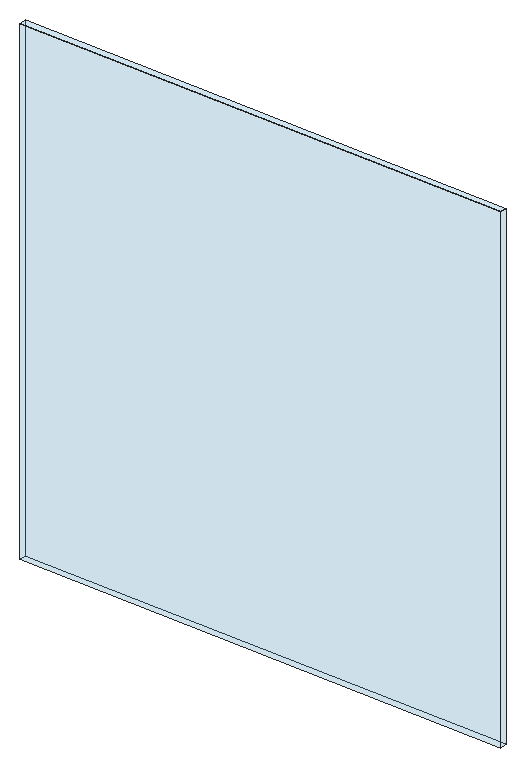
Revit family
Parameters (values of type "72" x 72"")
  Sealant = 0' - 0 3/8"
  Pocket Depth [instance] = 0' - 0 1/2"
  Head Height = Sill Height + Rough Height - Sealant  # 8' - 11 5/8"
  Depth [instance] = 0' - 6"
  Sill Height = 3' - 0"
  Rough Width = 6' - 0"
  Rough Height = 6' - 0"
  Model = "TC570"
  Material = ""
  Manufacturer = "Arcadia"
  Sightline = 0' - 2 5/8"
  Height = Rough Height - Sealant - Sealant  # 5' - 11 1/4"
  Wall Closure = (empty or 0)
  Width = Rough Width - Sealant - Sealant  # 5' - 11 1/4"
  Glass Thickness [instance] = 0' - 1"
  Offset to Inside Face of Glass [instance] = 0' - 4"
  Exterior Glass Offset [instance] = 0' - 2"
  Construction Type = "Aluminum"
  SBI [instance] = yes
  Center of Rough Opening [instance] = Rough Width / 2  # 3' - 0"
  Center of Glass [instance] = Glass Thickness / 2  # 0' - 0 1/2"
  Center Wall to Outside Face [instance] = 0' - 2 7/8"
  Assembly Code = ""
Reference planes (in)
  plane 1 "Center (Front/Back)": y = 0
  plane 2: z = 0
  plane 3 "Center (Left/Right)": x = 12
  plane 4 "Rough Opening Bottom": z = 36
  plane 5 "Rough Opening Top": z = 108
  plane 6 "Exterior Face": y = 5.5
  plane 7 "Frame Top": z = 105.375
  plane 8 "Frame Bottom": z = 38.625
  plane 9 "Rough Opening Left": x = -24
  plane 10 "Rough Opening Right": x = 48
  plane 11 "Frame Left": x = -21.375
  plane 12 "Frame Right": x = 45.375
  plane 13 "Exterior Wall Closer": y = 2
  plane 14 "Exterior Glass Edge": y = 3.04894
  plane 15 "Interior Glass Edge": y = 2.04894
  plane 16 "Glass Centerline": y = 2.54894
  plane 17 "Frame Outside": y = 4.04894
  plane 18 "Frame Inside": y = -1.95106
  plane 19: z = 105.875
  plane 20: z = 38.125
  plane 21: x = 45.875
  plane 22: x = -21.875
  plane 23: x = -23.625
  plane 24: x = 47.625
  plane 25: z = 36.375
  plane 26: z = 107.625
Forms (in)
  Extrusion 1, solid, material "Anodize Arcadia AC2 Clear #11", visible <- "SBI", detail levels coarse
    sketch origin (0, 0, 36) x (0, -1, 0) y (1, 0, 0)
      loop
        line (-4.04894, -24) -> (1.95106, -24) -> (1.95106, -21.375) -> (-2.04894, -21.375) -> (-2.04894, -21.875) -> (-3.04894, -21.875) -> (-3.04894, -21.375) -> (-4.04894, -21.375) -> (-4.04894, -24)
    from 0 to 72 <- "Rough Height"
  Extrusion 2, solid, material "Anodize Arcadia AC2 Clear #11", visible <- "SBI", detail levels coarse
    sketch origin (0, 0, 36) x (0, -1, 0) y (1, 0, 0)
      loop
        line (-4.04894, 45.375) -> (-3.04894, 45.375) -> (-3.04894, 45.875) -> (-2.04894, 45.875) -> (-2.04894, 45.375) -> (1.95106, 45.375) -> (1.95106, 48) -> (-4.04894, 48) -> (-4.04894, 45.375)
    from 0 to 72 <- "Rough Height"
  Extrusion 3, solid, material "Glass", visible <- "SBI"
    sketch origin (-0.5, 0, 36) x (0, -1, 0) y (1, 0, 0)
      loop
        line (-3.04894, -21.375) -> (-2.04894, -21.375) -> (-2.04894, 46.375) -> (-3.04894, 46.375) -> (-3.04894, -21.375)
    from 2.125 to 69.875
  Extrusion 4, solid, material "Anodize Arcadia AC2 Clear #11", detail levels coarse
    sketch origin (-24, 0, 0) x (0, 1, 0) y (0, 0, 1)
      loop
        line (-1.95106, 108) -> (-1.95106, 105.375) -> (2.04894, 105.375) -> (2.04894, 105.875) -> (3.04894, 105.875) -> (3.04894, 105.375) -> (4.04894, 105.375) -> (4.04894, 108) -> (-1.95106, 108)
    from 0 to 72 <- "Rough Width"
  Extrusion 5, solid, material "Anodize Arcadia AC2 Clear #11", detail levels coarse
    sketch origin (-24, 0, 0) x (0, 1, 0) y (0, 0, 1)
      loop
        line (4.04894, 38.625) -> (3.04894, 38.625) -> (3.04894, 38.125) -> (2.04894, 38.125) -> (2.04894, 38.625) -> (-1.95106, 38.625) -> (-1.95106, 36) -> (4.04894, 36) -> (4.04894, 38.625)
    from 0 to 72 <- "Rough Width"
  Extrusion 6, void
    sketch origin (0, 0, 36) x (0, -1, 0) y (1, 0, 0)
      loop
        line (-5.5, -24) -> (2.5, -24) -> (2.5, 48) -> (-5.5, 48) -> (-5.5, -24)
    from 0 to 72 <- "Rough Height"
Lines and regions (in)
  symbolic lines, detail levels coarse
    curve 1: line (45.375, 4.04894, 0) -> (48, 4.04894, 0)
    curve 2: line (45.375, -1.95106, 0) -> (45.375, 2.04894, 0)
    curve 3: line (48, -1.95106, 0) -> (45.375, -1.95106, 0)
    curve 4: line (48, 4.04894, 0) -> (48, -1.95106, 0)
    curve 5: line (-21.875, 3.04894, 0) -> (45.875, 3.04894, 0)
    curve 6: line (45.875, 3.04894, 0) -> (45.875, 2.04894, 0)
    curve 7: line (45.875, 2.04894, 0) -> (-21.875, 2.04894, 0)
    curve 8: line (45.375, 3.04894, 0) -> (45.375, 4.04894, 0)
    curve 9: line (-21.375, 4.04894, 0) -> (-24, 4.04894, 0)
    curve 10: line (-21.375, -1.95106, 0) -> (-21.375, 2.04894, 0)
    curve 11: line (-24, -1.95106, 0) -> (-21.375, -1.95106, 0)
    curve 12: line (-24, 4.04894, 0) -> (-24, -1.95106, 0)
    curve 13: line (-21.875, 3.04894, 0) -> (-21.875, 2.04894, 0)
    curve 14: line (-21.375, 3.04894, 0) -> (-21.375, 4.04894, 0)
Text (in)
  text "EXTERIOR" at (-58.6888, 50.90694, 0), in view "Ref. Level"
  text "INTERIOR" at (-58.6888, -37.76638, 0), in view "Ref. Level"
  text "Exterior" at (0, 43.65631, 123.19604), in view "Left"
  text "Exterior" at (0, 18.29385, 125.04747), in view "Right"
Dimensions and locks (in)
  "Rough Height": plane 4 "Rough Opening Bottom" to plane 5 "Rough Opening Top"
  "Sill Height": plane 2 to plane 4 "Rough Opening Bottom"
  "Sightline": plane 7 "Frame Top" to plane 5 "Rough Opening Top"
  "Sightline": plane 4 "Rough Opening Bottom" to plane 8 "Frame Bottom"
  "Rough Width": plane 9 "Rough Opening Left" to plane 10 "Rough Opening Right"
  "Sightline": plane 9 "Rough Opening Left" to plane 11 "Frame Left"
  "Sightline": plane 12 "Frame Right" to plane 10 "Rough Opening Right"
  "Depth": plane 18 "Frame Inside" to plane 17 "Frame Outside"
  "Glass Thickness": plane 14 "Exterior Glass Edge" to plane 15 "Interior Glass Edge"
  "Center of Glass": plane 16 "Glass Centerline" to plane 15 "Interior Glass Edge"
  "Center of Rough Opening": plane 9 "Rough Opening Left" to plane 3 "Center (Left/Right)"
  "Offset to Inside Face of Glass": plane 18 "Frame Inside" to plane 15 "Interior Glass Edge"
  "Pocket Depth": plane 12 "Frame Right" to plane 21
  "Pocket Depth": plane 22 to plane 11 "Frame Left"
  "Pocket Depth": plane 7 "Frame Top" to plane 19
  "Pocket Depth": plane 20 to plane 8 "Frame Bottom"
  "Sealant": plane 24 to plane 10 "Rough Opening Right"
  "Sealant": plane 9 "Rough Opening Left" to plane 23
  "Sealant": plane 4 "Rough Opening Bottom" to plane 25
  "Sealant": plane 26 to plane 5 "Rough Opening Top"
  aligned and locked: plane 6 "Exterior Face" to host wall
  aligned and locked: Extrusion 1 sketch curve to plane 18 "Frame Inside"
  aligned and locked: plane 17 "Frame Outside" to Extrusion 1 sketch curve
  aligned and locked: Extrusion 1 sketch curve to plane 11 "Frame Left"
  aligned and locked: plane 9 "Rough Opening Left" to Extrusion 1 sketch curve
  aligned and locked: plane 12 "Frame Right" to Extrusion 2 sketch curve
  aligned and locked: Extrusion 2 sketch curve to plane 10 "Rough Opening Right"
  aligned and locked: Extrusion 2 sketch curve to plane 18 "Frame Inside"
  aligned and locked: plane 17 "Frame Outside" to Extrusion 2 sketch curve
  aligned and locked: Extrusion 3 sketch curve to plane 14 "Exterior Glass Edge"
  aligned and locked: plane 15 "Interior Glass Edge" to Extrusion 3 sketch curve
  aligned and locked: plane 5 "Rough Opening Top" to Extrusion 4 sketch curve
  aligned and locked: Extrusion 4 sketch curve to plane 7 "Frame Top"
  aligned and locked: Extrusion 4 sketch curve to plane 18 "Frame Inside"
  aligned and locked: plane 17 "Frame Outside" to Extrusion 4 sketch curve
  aligned and locked: Extrusion 5 sketch curve to plane 4 "Rough Opening Bottom"
  aligned and locked: plane 8 "Frame Bottom" to Extrusion 5 sketch curve
  aligned and locked: Extrusion 5 sketch curve to plane 18 "Frame Inside"
  aligned and locked: plane 17 "Frame Outside" to Extrusion 5 sketch curve
  aligned and locked: plane 4 "Rough Opening Bottom" to nested 3
  aligned and locked: nested 2 to plane 5 "Rough Opening Top"
  aligned and locked: Extrusion 3 to plane 22
  aligned and locked: plane 20 to Extrusion 3
  aligned and locked: Extrusion 3 to plane 19
  aligned and locked: plane 18 "Frame Inside" to nested 3
  aligned and locked: plane 18 "Frame Inside" to nested 2
  aligned and locked: nested 4 to plane 9 "Rough Opening Left"
  aligned and locked: nested 4 to plane 17 "Frame Outside"
  aligned and locked: nested 1 to plane 17 "Frame Outside"
  aligned and locked: plane 10 "Rough Opening Right" to nested 1
  aligned and locked: Extrusion 2 sketch curve to plane 14 "Exterior Glass Edge"
  aligned and locked: plane 15 "Interior Glass Edge" to Extrusion 2 sketch curve
  aligned and locked: Extrusion 2 sketch curve to plane 21
  aligned and locked: plane 14 "Exterior Glass Edge" to Extrusion 1 sketch curve
  aligned and locked: Extrusion 1 sketch curve to plane 15 "Interior Glass Edge"
  aligned and locked: Extrusion 1 sketch curve to plane 22
  aligned and locked: plane 14 "Exterior Glass Edge" to Extrusion 4 sketch curve
  aligned and locked: Extrusion 4 sketch curve to plane 15 "Interior Glass Edge"
  aligned and locked: Extrusion 4 sketch curve to plane 19
  aligned and locked: plane 14 "Exterior Glass Edge" to Extrusion 5 sketch curve
  aligned and locked: Extrusion 5 sketch curve to plane 15 "Interior Glass Edge"
  aligned and locked: plane 20 to Extrusion 5 sketch curve
  aligned and locked: plane 17 "Frame Outside" to curve 1
  aligned and locked: curve 3 to plane 18 "Frame Inside"
  aligned and locked: curve 4 to plane 10 "Rough Opening Right"
  aligned and locked: plane 12 "Frame Right" to curve 8
  aligned and locked: plane 12 "Frame Right" to curve 2
  aligned and locked: curve 6 to plane 21
  aligned and locked: curve 5 to plane 14 "Exterior Glass Edge"
  aligned and locked: plane 15 "Interior Glass Edge" to curve 7
  aligned and locked: curve 12 to plane 9 "Rough Opening Left"
  aligned and locked: plane 11 "Frame Left" to curve 14
  aligned and locked: plane 11 "Frame Left" to curve 10
  aligned and locked: curve 13 to plane 22
  aligned and locked: plane 18 "Frame Inside" to curve 11
  aligned and locked: curve 9 to plane 17 "Frame Outside"
  aligned and locked: level to plane 2
  aligned and locked: plane 9 "Rough Opening Left" to Extrusion 6 sketch curve
  aligned and locked: plane 6 "Exterior Face" to Extrusion 6 sketch curve
  aligned and locked: host wall to Extrusion 6 sketch curve
  aligned and locked: plane 10 "Rough Opening Right" to Extrusion 6 sketch curve
  aligned and locked: plane 10 "Rough Opening Right" to import instance
  aligned and locked: plane 17 "Frame Outside" to import instance  (x3)
  aligned and locked: import instance to plane 10 "Rough Opening Right"
  aligned and locked: import instance to plane 17 "Frame Outside"  (x2)
  aligned and locked: plane 9 "Rough Opening Left" to import instance
  aligned and locked: plane 5 "Rough Opening Top" to import instance
  aligned and locked: plane 4 "Rough Opening Bottom" to import instance
Automatic sketch dimensions
  Extrusion 1 sketch curve to plane 11 "Frame Left" = 0' - 0"
  Extrusion 2 sketch curve to plane 12 "Frame Right" = 0' - 0"
  Extrusion 4 sketch curve to plane 7 "Frame Top" = 0' - 0"
  Extrusion 5 sketch curve to plane 8 "Frame Bottom" = 0' - 0"
  Extrusion 3 sketch curve to plane 22 = 0' - 0"
  Extrusion 3 sketch curve to plane 21 = 0' - 0"
Nested families (in)
  nested 1: "Window-Arcadia-UW670T-Med-Jamb-R" at (46.9375, 2.54894, 0) x (-1, 0, 0) z (0, 0, 1), type "Window-Arcadia-UW670T-Med-Jamb-R", detail levels medium
    with Sightline 0' - 2 5/8", Pocket Depth 0' - 0 1/2", Offset to Inside Face of Glass 0' - 3 1/4", Glass Width 0' - 1", Frame Wall Thickness 0' - 0 3/32", Depth 0' - 5 1/4", Center of Glass 0' - 0 1/2"
  nested 2: "Window-Arcadia-UW670T-Med-Head" at (33.875, 2.54894, 108) x (0, -1, 0) z (1, 0, 0), type "Window-Arcadia-UW670T-Med-Head", detail levels medium
    with Sightline 0' - 2 5/8", Pocket Depth 0' - 0 1/2", Offset to Inside Face of Glass 0' - 4", Frame Wall Thickness 0' - 0 3/32", Depth 0' - 6", Center of Glass 0' - 0 1/2"
  nested 3: "Window-Arcadia-UW670T-Med-Sill" at (33.875, 2.54894, 36) x (0, -1, 0) z (1, 0, 0), type "Window-Arcadia-UW670T-Med-Sill", detail levels medium
    with Sightline 0' - 2 5/8", Pocket Depth 0' - 0 1/2", Offset to Inside Face of Glass 0' - 4", Frame Wall Thickness 0' - 0 3/32", Depth 0' - 6", Center of Glass 0' - 0 1/2"
  nested 4: "Window-Arcadia-UW670T-Med-Jamb-L" at (-22.9375, 2.54894, 0) x (-1, 0, 0) z (0, 0, 1), type "Window-Arcadia-UW670T-Med-Jamb-L", detail levels medium
    with Sightline 0' - 2 5/8", Pocket Depth 0' - 0 1/2", Offset to Inside Face of Glass 0' - 4", Glass Width 0' - 1", Frame Wall Thickness 0' - 0 3/32", Depth 0' - 6", Center of Glass 0' - 0 1/2"
Definition of nested family "Window-Arcadia-UW670T-Med-Jamb-R"
  Parameters (values of type "Window-Arcadia-TC670-Med-Jamb-R")
    Depth [instance] = 0' - 6"
    Pocket Depth [instance] = 0' - 0 3/4"
    Offset to Inside Face of Glass [instance] = 0' - 4"
    Glass Width [instance] = 0' - 1"
    Sightline [instance] = 0' - 2 5/8"
    Center of Glass [instance] = Glass Width / 2  # 0' - 0 1/2"
    Frame Wall Thickness [instance] = 0' - 0 3/32"
    Assembly Code = ""
  Reference planes (in)
    plane 1 "Center (Front/Back)": y = 0
    plane 2: z = 0
    plane 3: x = 1.5625
    plane 4 "back": x = -1.0625
    plane 5: y = 4.5
    plane 6: y = -1.5
    plane 7 "Inside Face of Glass": y = 0.5
    plane 8: y = -0.5
    plane 9: x = 0.8125
  Lines and regions (in)
    detail lines, in view "Ref. Level", detail levels medium
      curve 1: line (-1.0625, 4.5, 0) -> (-1.0625, -1.5, 0)
      curve 2: line (-1.0625, -1.5, 0) -> (1.5625, -1.5, 0)
      curve 3: line (1.5625, -1.5, 0) -> (1.5625, -0.5, 0)
      curve 4: line (1.5625, -0.5, 0) -> (0.8125, -0.5, 0)
      curve 5: line (0.8125, -0.5, 0) -> (0.8125, 0.5, 0)
      curve 6: line (0.8125, 0.5, 0) -> (1.5625, 0.5, 0)
      curve 7: line (1.5625, 0.5, 0) -> (1.5625, 4.5, 0)
      curve 8: line (1.5625, 4.5, 0) -> (-1.0625, 4.5, 0)
      curve 9: line (1.46875, 4.40625, 0) -> (-0.96875, 4.40625, 0)
      curve 10: line (-0.96875, 4.40625, 0) -> (-0.96875, -1.40625, 0)
      curve 11: line (-0.96875, -1.40625, 0) -> (1.46875, -1.40625, 0)
      curve 12: line (1.46875, -1.40625, 0) -> (1.46875, -0.59375, 0)
      curve 13: line (1.46875, -0.59375, 0) -> (0.71875, -0.59375, 0)
      curve 14: line (0.71875, -0.59375, 0) -> (0.71875, 0.59375, 0)
      curve 15: line (0.71875, 0.59375, 0) -> (1.46875, 0.59375, 0)
      curve 16: line (1.46875, 0.59375, 0) -> (1.46875, 4.40625, 0)
      curve 17: line (1.5625, 4.5, 0) -> (-1.0625, 4.5, 0)
      curve 18: line (-1.0625, 4.40625, 0) -> (-1.0625, -1.5, 0)
  Dimensions and locks (in)
    "Sightline": plane 4 "back" to plane 3
    "Depth": plane 5 to plane 6
    "Center of Glass": plane 1 "Center (Front/Back)" to plane 7 "Inside Face of Glass"
    "Glass Width": plane 8 to plane 7 "Inside Face of Glass"
    "Pocket Depth": plane 9 to plane 3
    "Offset to Inside Face of Glass": plane 5 to plane 7 "Inside Face of Glass"
    "Frame Wall Thickness": plane 5 to curve 9
    "Frame Wall Thickness": plane 4 "back" to curve 10
    "Frame Wall Thickness": curve 11 to plane 6
    "Frame Wall Thickness": curve 12 to plane 3
    "Frame Wall Thickness": curve 13 to plane 8
    "Frame Wall Thickness": plane 7 "Inside Face of Glass" to curve 15
    "Frame Wall Thickness": curve 14 to plane 9
    "Frame Wall Thickness": curve 16 to plane 3
    aligned and locked: plane 5 to curve 8
    aligned and locked: curve 1 to plane 4 "back"
    aligned and locked: curve 2 to plane 6
    aligned and locked: plane 3 to curve 3
    aligned and locked: curve 4 to plane 8
    aligned and locked: plane 9 to curve 5
    aligned and locked: plane 7 "Inside Face of Glass" to curve 6
    aligned and locked: plane 3 to curve 7
  Automatic sketch dimensions
    curve 18 to curve 9 = 0' - 0"
Definition of nested family "Window-Arcadia-UW670T-Med-Head"
  Parameters (values of type "Window-Arcadia-TC670-Med-Head")
    Depth [instance] = 0' - 6"
    Pocket Depth [instance] = 0' - 0 1/2"
    Offset to Inside Face of Glass [instance] = 0' - 4"
    Glass Width = 0' - 1"
    Sightline [instance] = 0' - 2 5/8"
    Center of Glass [instance] = Glass Width / 2  # 0' - 0 1/2"
    Frame Wall Thickness [instance] = 0' - 0 3/32"
    Assembly Code = ""
  Reference planes (in)
    plane 1 "Center (Front/Back)": y = 0
    plane 2: z = 0
    plane 3 "Center (Left/Right)": x = 0
    plane 4: x = -0.5
    plane 5 "Inside Face of Glass": x = 0.5
    plane 6: y = -2.625
    plane 7: x = 4.5
    plane 8: x = -1.5
    plane 9: y = -2.125
  Lines and regions (in)
    detail lines, in view "Ref. Level", detail levels medium
      curve 1: line (-1.5, 0, 0) -> (-1.5, -2.625, 0)
      curve 2: line (-1.5, -2.625, 0) -> (-0.5, -2.625, 0)
      curve 3: line (-0.5, -2.625, 0) -> (-0.5, -2.125, 0)
      curve 4: line (-0.5, -2.125, 0) -> (0.5, -2.125, 0)
      curve 5: line (0.5, -2.125, 0) -> (0.5, -2.625, 0)
      curve 6: line (0.5, -2.625, 0) -> (4.5, -2.625, 0)
      curve 7: line (4.5, -2.625, 0) -> (4.5, 0, 0)
      curve 8: line (4.5, 0, 0) -> (-1.5, 0, 0)
      curve 9: line (-1.40625, -0.09375, 0) -> (-1.40625, -2.53125, 0)
      curve 10: line (4.40625, -0.09375, 0) -> (-1.40625, -0.09375, 0)
      curve 11: line (4.40625, -2.53125, 0) -> (4.40625, -0.09375, 0)
      curve 12: line (0.59375, -2.53125, 0) -> (4.40625, -2.53125, 0)
      curve 13: line (-1.40625, -2.53125, 0) -> (-0.59375, -2.53125, 0)
      curve 14: line (-0.59375, -2.53125, 0) -> (-0.59375, -2.03125, 0)
      curve 15: line (-0.59375, -2.03125, 0) -> (0.59375, -2.03125, 0)
      curve 16: line (0.59375, -2.03125, 0) -> (0.59375, -2.53125, 0)
  Dimensions and locks (in)
    "Sightline": plane 6 to plane 1 "Center (Front/Back)"
    "Depth": plane 8 to plane 7
    "Pocket Depth": plane 6 to plane 9
    "Offset to Inside Face of Glass": plane 5 "Inside Face of Glass" to plane 7
    "Glass Width": plane 4 to plane 5 "Inside Face of Glass"
    "Center of Glass": plane 3 "Center (Left/Right)" to plane 5 "Inside Face of Glass"
    "Frame Wall Thickness": plane 8 to curve 9
    "Frame Wall Thickness": curve 10 to plane 1 "Center (Front/Back)"
    "Frame Wall Thickness": curve 11 to plane 7
    "Frame Wall Thickness": plane 6 to curve 12
    "Frame Wall Thickness": plane 6 to curve 13
    "Frame Wall Thickness": plane 9 to curve 15
    "Frame Wall Thickness": plane 5 "Inside Face of Glass" to curve 16
    "Frame Wall Thickness": curve 14 to plane 4
    aligned and locked: curve 8 to plane 1 "Center (Front/Back)"
    aligned and locked: plane 7 to curve 7
    aligned and locked: curve 1 to plane 8
    aligned and locked: plane 9 to curve 4
    aligned and locked: plane 4 to curve 3
    aligned and locked: plane 6 to curve 2
    aligned and locked: plane 6 to curve 6
  Automatic sketch dimensions
    curve 5 to plane 5 "Inside Face of Glass" = 0' - 0"
Definition of nested family "Window-Arcadia-UW670T-Med-Sill"
  Parameters (values of type "Window-Arcadia-TC670-Med-Sill")
    Depth [instance] = 0' - 6"
    Pocket Depth [instance] = 0' - 0 1/2"
    Offset to Inside Face of Glass [instance] = 0' - 4"
    Glass Width = 0' - 1"
    Sightline [instance] = 0' - 2 5/8"
    Center of Glass [instance] = Glass Width / 2  # 0' - 0 1/2"
    Frame Wall Thickness [instance] = 0' - 0 3/32"
    Assembly Code = ""
  Reference planes (in)
    plane 1 "Center (Front/Back)": y = 0
    plane 2: z = 0
    plane 3 "Center (Left/Right)": x = 0
    plane 4: x = -0.5
    plane 5 "Inside Face of Glass": x = 0.5
    plane 6: y = 2.625
    plane 7: x = 4.5
    plane 8: x = -1.5
    plane 9: y = 2.125
  Lines and regions (in)
    detail lines, in view "Ref. Level", detail levels medium
      curve 1: line (-1.5, 2.625, 0) -> (-1.5, 0, 0)
      curve 2: line (-1.5, 0, 0) -> (4.5, 0, 0)
      curve 3: line (4.5, 0, 0) -> (4.5, 2.625, 0)
      curve 4: line (4.5, 2.625, 0) -> (0.5, 2.625, 0)
      curve 5: line (0.5, 2.625, 0) -> (0.5, 2.125, 0)
      curve 6: line (0.5, 2.125, 0) -> (-0.5, 2.125, 0)
      curve 7: line (-0.5, 2.125, 0) -> (-0.5, 2.625, 0)
      curve 8: line (-0.5, 2.625, 0) -> (-1.5, 2.625, 0)
      curve 9: line (-0.59375, 2.53125, 0) -> (-1.40625, 2.53125, 0)
      curve 10: line (-1.40625, 2.53125, 0) -> (-1.40625, 0.09375, 0)
      curve 11: line (-1.40625, 0.09375, 0) -> (4.40625, 0.09375, 0)
      curve 12: line (4.40625, 0.09375, 0) -> (4.40625, 2.53125, 0)
      curve 13: line (4.40625, 2.53125, 0) -> (0.59375, 2.53125, 0)
      curve 14: line (0.59375, 2.53125, 0) -> (0.59375, 2.03125, 0)
      curve 15: line (0.59375, 2.03125, 0) -> (-0.59375, 2.03125, 0)
      curve 16: line (-0.59375, 2.03125, 0) -> (-0.59375, 2.53125, 0)
  Dimensions and locks (in)
    "Pocket Depth": plane 9 to plane 6
    "Sightline": plane 1 "Center (Front/Back)" to plane 6
    "Depth": plane 8 to plane 7
    "Offset to Inside Face of Glass": plane 5 "Inside Face of Glass" to plane 7
    "Glass Width": plane 4 to plane 5 "Inside Face of Glass"
    "Center of Glass": plane 3 "Center (Left/Right)" to plane 5 "Inside Face of Glass"
    "Frame Wall Thickness": curve 9 to plane 6
    "Frame Wall Thickness": plane 8 to curve 10
    "Frame Wall Thickness": plane 1 "Center (Front/Back)" to curve 11
    "Frame Wall Thickness": curve 12 to plane 7
    "Frame Wall Thickness": curve 13 to plane 6
    "Frame Wall Thickness": plane 5 "Inside Face of Glass" to curve 14
    "Frame Wall Thickness": curve 15 to plane 9
    "Frame Wall Thickness": curve 16 to plane 4
    aligned and locked: plane 1 "Center (Front/Back)" to curve 2
    aligned and locked: plane 7 to curve 3
    aligned and locked: curve 1 to plane 8
    aligned and locked: curve 8 to plane 6
    aligned and locked: curve 4 to plane 6
    aligned and locked: curve 6 to plane 9
    aligned and locked: curve 5 to plane 5 "Inside Face of Glass"
    aligned and locked: plane 4 to curve 7
  Automatic sketch dimensions
    curve 7 to plane 9 = 0' - 0"
Definition of nested family "Window-Arcadia-UW670T-Med-Jamb-L"
  Parameters (values of type "Window-Arcadia-TC670-Med-Jamb-L")
    Depth [instance] = 0' - 6"
    Pocket Depth [instance] = 0' - 0 1/2"
    Offset to Inside Face of Glass [instance] = 0' - 4"
    Glass Width [instance] = 0' - 1"
    Sightline [instance] = 0' - 2 1/8"
    Center of Glass [instance] = Glass Width / 2  # 0' - 0 1/2"
    Frame Wall Thickness [instance] = 0' - 0 3/32"
    Assembly Code = ""
  Reference planes (in)
    plane 1 "Center (Front/Back)": y = 0
    plane 2: z = 0
    plane 3 "BACK": x = 1.0625
    plane 4 "FRONT": x = -1.0625
    plane 5: y = 1.5
    plane 6: y = -4.5
    plane 7 "Inside Face of Glass": y = 0.5
    plane 8: y = -0.5
    plane 9: x = -0.5625
  Lines and regions (in)
    detail lines, in view "Ref. Level", detail levels medium
      curve 1: line (1.0625, 1.5, 0) -> (1.0625, -4.5, 0)
      curve 2: line (1.0625, -4.5, 0) -> (-1.0625, -4.5, 0)
      curve 3: line (-1.0625, -4.5, 0) -> (-1.0625, -0.5, 0)
      curve 4: line (-1.0625, -0.5, 0) -> (-0.5625, -0.5, 0)
      curve 5: line (-0.5625, -0.5, 0) -> (-0.5625, 0.5, 0)
      curve 6: line (-0.5625, 0.5, 0) -> (-1.0625, 0.5, 0)
      curve 7: line (-1.0625, 0.5, 0) -> (-1.0625, 1.5, 0)
      curve 8: line (-1.0625, 1.5, 0) -> (1.0625, 1.5, 0)
      curve 9: line (-0.96875, 1.40625, 0) -> (0.96875, 1.40625, 0)
      curve 10: line (-0.96875, 0.59375, 0) -> (-0.96875, 1.40625, 0)
      curve 11: line (-0.46875, 0.59375, 0) -> (-0.96875, 0.59375, 0)
      curve 12: line (-0.46875, -0.59375, 0) -> (-0.46875, 0.59375, 0)
      curve 13: line (-0.96875, -0.59375, 0) -> (-0.46875, -0.59375, 0)
      curve 14: line (-0.96875, -4.40625, 0) -> (-0.96875, -0.59375, 0)
      curve 15: line (0.96875, -4.40625, 0) -> (-0.96875, -4.40625, 0)
      curve 16: line (0.96875, 1.40625, 0) -> (0.96875, -4.40625, 0)
  Dimensions and locks (in)
    "Depth": plane 5 to plane 6
    "Pocket Depth": plane 4 "FRONT" to plane 9
    "Sightline": plane 4 "FRONT" to plane 3 "BACK"
    "Glass Width": plane 8 to plane 7 "Inside Face of Glass"
    "Center of Glass": plane 1 "Center (Front/Back)" to plane 7 "Inside Face of Glass"
    "Frame Wall Thickness": plane 4 "FRONT" to curve 10
    "Frame Wall Thickness": plane 5 to curve 9
    "Frame Wall Thickness": curve 15 to plane 6
    "Frame Wall Thickness": curve 13 to plane 8
    "Frame Wall Thickness": plane 9 to curve 12
    "Frame Wall Thickness": plane 7 "Inside Face of Glass" to curve 11
    "Frame Wall Thickness": plane 4 "FRONT" to curve 14
    "Offset to Inside Face of Glass": plane 6 to plane 8
    aligned and locked: curve 8 to plane 5
    aligned and locked: curve 1 to plane 3 "BACK"
    aligned and locked: plane 6 to curve 2
    aligned and locked: curve 3 to plane 4 "FRONT"
    aligned and locked: plane 8 to curve 4
    aligned and locked: plane 9 to curve 5
    aligned and locked: curve 6 to plane 7 "Inside Face of Glass"
    aligned and locked: plane 4 "FRONT" to curve 7
  Automatic sketch dimensions
    curve 16 to plane 3 "BACK" = 0' - 0 3/32"
